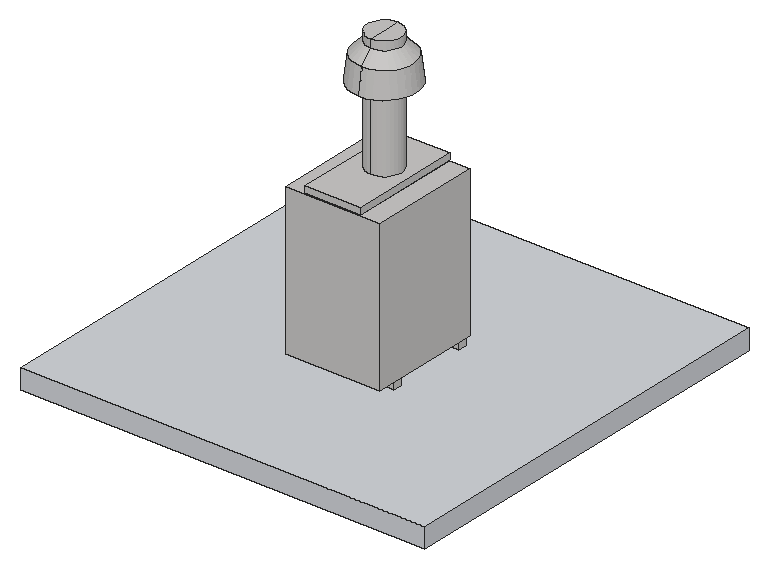
Revit family "DC_Rheem_PLM_Raypak_B0280ID", category Mechanical Equipment, host Face, Revit 2020
Family settings
  Host = Face
  Round Connector Dimension = Use Radius
  Part Type = Normal
  Cut with Voids When Loaded = No
  Shared = No
  Room Calculation Point = No
Parameters (values of type "Raypak - Gas Water Heater- Indoor - 278 MJ/h  Natural gas, modulating gas control")
  Width_ANZRS = 570 mm
  URL = "http://www.rheem.com.au/CommercialProducts"
  Type Comments = "Recovery 1061L/h @ 50oC rise"
  Top Dia_ANZRS = 205 mm
  Model = "B0280PCM/ID"
  Material_ANZRS = Raypak - Grey Powder Coated Steel
  PRV Dist_ANZRS = 210 mm
  PRV_ANZRS = 10 mm
  Manufacturer = "Raypak"
  Length_ANZRS = 675 mm
  Hot Water outlet radius_ANZRS = 20 mm
  Hot Water Outlet Diameter_ANZRS = Hot Water outlet radius_ANZRS * 2  # 40 mm
  Hot Water Conn. Dist_ANZRS = 170 mm
  Height_ANZRS = 1715 mm
  H1_ANZRS = 940 mm
  Gas Inlet radius_ANZRS = 12.5 mm
  Gas Inlet Height_ANZRS = 370 mm
  Gas Inlet Diameter_ANZRS = Gas Inlet radius_ANZRS * 2  # 25 mm
  Gas Conn. Dist_ANZRS = 105 mm
  DesignBy_ANZRS = "Design Content ©"
  Description = "Raypak - Gas Water Heater- Indoor - 278 MJ/h  Natural gas, modulating gas control"
  Default Elevation = 0 mm
  Conn Height_ANZRS = 700 mm
  Cold Water Inlet Radius_ANZRS = 20 mm
  Cold Water Inlet Diameter_ANZRS = Cold Water Inlet Radius_ANZRS * 2  # 40 mm
  Cold Water Conn. Dist_ANZRS = 215 mm
  Box HEight_ANZRS = 985 mm
  Base1 Dist_ANZRS = 30 mm
  Base Width_ANZRS = 50 mm
  Basae2 Dist_ANZRS = 105 mm
  Author_ANZRS = "DM"
  Assembly Code = ""
Types (5, lengths in mm): name | URL | Type Comments | Model | Gas Inlet radius_ANZRS | Gas Inlet Diameter_ANZRS | Description
  (no name) | "http://www.rheem.com.au/downloads/PDF/Raypak_Mechanical_Heating_Brochure_July_09.pdf" | "Recovery 1061L/h @ 50oC rise" | "B0280NCO/ID" | 10 | 20 | "Raypak - Gas Water Heater- Indoor - 278 MJ/h  Natural gas, On/Off gas control"
  Raypak - Gas Water Heater- Indoor - 278 MJ/h  Natural gas, modulating gas control | "http://www.rheem.com.au/CommercialProducts" | "Recovery 1061L/h @ 50oC rise" | "B0280PCM/ID" | 12.5 | 25 | "Raypak - Gas Water Heater- Indoor - 278 MJ/h  Natural gas, modulating gas control"
  Raypak - Gas Water Heater- Indoor - 278 MJ/h  Natural gas, On/Off gas control | "http://www.rheem.com.au/CommercialProducts" | "Recovery 1061L/h @ 50oC rise" | "B0280NCO/ID" | 10 | 20 | "Raypak - Gas Water Heater- Indoor - 278 MJ/h  Natural gas, On/Off gas control"
  Raypak - Gas Water Heater- Indoor - 261 MJ/h  Propane gas, modulating gas control | "http://www.rheem.com.au/CommercialProducts" | "Recovery 998L/h @ 50oC rise" | "B0280NCM/ID" | 10 | 20 | "Raypak - Gas Water Heater- Indoor - 261 MJ/h  Propane gas, modulating gas control"
  Raypak - Gas Water Heater- Indoor - 261 MJ/h  Propane gas, On/Off gas control | "http://www.rheem.com.au/CommercialProducts" | "Recovery 998L/h @ 50oC rise" | "B0280NCO/ID" | 10 | 20 | "Raypak - Gas Water Heater- Indoor - 261 MJ/h  Propane gas, modulating gas control"
Reference planes
  plane 1 "Center (Front/Back)": y = 0
  plane 2: z = 0
  plane 3 "Center (Left/Right)": x = 0
  plane 4 "Height": z = 1715
  plane 5 "Box H": z = 985
  plane 6 "Conn H": z = 700
  plane 7 "Gas C": z = 370
  plane 8 "L1": y = 288
  plane 9 "L2": y = -387
  plane 10 "PVR": y = 78
  plane 11 "Hot Water": y = 118
  plane 12 "Cold Water": y = -97
  plane 13 "Gas C1": y = -282
  plane 14 "D1": y = 102.5
  plane 15 "D2": y = -102.5
  plane 16 "W1": x = -285
  plane 17 "W2": x = 285
  plane 18 "base": z = 40
  plane 19 "H4": z = 1445
  plane 20 "H3": z = 1595
  plane 21 "H2": z = 1665
  plane 22: z = 600
  plane 23: z = 565
  plane 24: y = -327
  plane 25: x = -280
  plane 26 "BASE11": y = 258
  plane 27 "BASE12": y = 208
  plane 28 "BASE21": y = -232
  plane 29 "BASE22": y = -282
  plane 30 "D4": x = 102.5
  plane 31 "D3": x = -102.5
  plane 32 "H1": z = 940
  plane 33 "HH": z = 950
  plane 34: x = 167.5
  plane 35: x = -167.5
  plane 36: x = 157.5
  plane 37: x = -157.5
  plane 38 "LL2": y = -377
  plane 39 "LL1": y = 278
  plane 40: x = -172.5
  plane 41: x = -190.918
  plane 42: x = 172.5
  plane 43: x = 190.918
  plane 44: y = 172.5
  plane 45: y = 190.918
  plane 46: y = -172.5
  plane 47: y = -190.918
Forms (mm)
  Extrusion 1, solid
    sketch origin (0, 0, 0) x (1, 0, 0) y (0, 1, 0)
      loop
        line (-1219.2, 1219.2) -> (-1219.2, -1219.2) -> (1219.2, -1219.2) -> (1219.2, 1219.2) -> (-1219.2, 1219.2)
    from 0 to -120
  Extrusion 2, solid, material "Raypak - Grey Powder Coated Steel" <- "Material_ANZRS"
    sketch origin (0, 0, 0) x (1, 0, 0) y (0, 1, 0)
      loop
        line (-285, 288) -> (-285, -387) -> (285, -387) -> (285, 288) -> (-285, 288)
    from 40 to 940
  Revolve 3, solid, material "Raypak - Grey Powder Coated Steel" <- "Material_ANZRS"
    sketch origin (0, 0, 105) x (0, 1, 0) y (0, 0, 1)
      loop
        line (0, 1610) -> (-102.5, 1610) -> (-102.5, 1560) -> (-172.5, 1490) -> (-190.918, 1340) -> (-102.5, 1340) -> (-102.5, 880) -> (0, 880) -> (0, 1610)
      axis (0, 1610) -> (0, 880)
    angle from 0 to 360
  Extrusion 4, void
    sketch origin (0, 0, 0) x (0, 1, 0) y (0, 0, 1)
      loop
        circle (78, 700) r 10
      loop
        circle (118, 700) r 20
      loop
        circle (-97, 700) r 20
    from -285 to -280
  Extrusion 5, void
    sketch origin (0, 0, 0) x (0, 1, 0) y (0, 0, 1)
      loop
        circle (-327, 600) r 5
      loop
        circle (-327, 565) r 5
      loop
        circle (-282, 370) r 12.5
    from -285 to -280
  Extrusion 6, solid, material "Raypak - Grey Powder Coated Steel" <- "Material_ANZRS"
    sketch origin (0, 0, 0) x (0, 1, 0) y (0, 0, 1)
      loop
        line (258, 40) -> (208, 40) -> (208, 0) -> (258, 0) -> (258, 40)
      loop
        line (-232, 40) -> (-282, 40) -> (-282, 0) -> (-232, 0) -> (-232, 40)
    from -285 to 285
  Extrusion 7, solid, material "Raypak - Grey Powder Coated Steel" <- "Material_ANZRS"
    sketch origin (0, 0, 0) x (1, 0, 0) y (0, 0, 1)
      loop
        line (167.5, 985) -> (-167.5, 985) -> (-167.5, 950) -> (167.5, 950) -> (167.5, 985)
    from -288 to 387
  Extrusion 8, solid, material "Raypak - Grey Powder Coated Steel" <- "Material_ANZRS"
    sketch origin (0, 0, 0) x (1, 0, 0) y (0, 0, 1)
      loop
        line (157.5, 950) -> (-157.5, 950) -> (-157.5, 940) -> (157.5, 940) -> (157.5, 950)
    from -278 to 377
Cuts and joins
  Extrusion 4, Extrusion 5 cuts Extrusion 2
Lines and regions (mm)
  Masking region 1
    outline origin (0, 0, 0) x (1, 0, 0) y (0, 1, 0)
      loop
        line (-285, 288) -> (-285, -387) -> (285, -387) -> (285, 288) -> (-285, 288)
  Masking region 2
    outline origin (0, 0, 0) x (1, 0, 0) y (0, 0, 1)
      loop
        line (-102.5, 1715) -> (-102.5, 1665) -> (-225, 1595) -> (-228.418, 1445) -> (-102.5, 1445) -> (-102.5, 985) -> (-167.5, 985) -> (-167.5, 950) -> (-157.5, 950) -> (-157.5, 940) -> (-285, 940) -> (-285, 0) -> (285, 0) -> (285, 940) -> (157.5, 940) -> (157.5, 950) -> (167.5, 950) -> (167.5, 985) -> (102.5, 985) -> (102.5, 1445) -> (243.418, 1445) -> (157.5, 1595) -> (102.5, 1665) -> (102.5, 1715) -> (0, 1715) -> (-102.5, 1715)
  Masking region 3
    outline origin (0, 0, 0) x (0, 1, 0) y (0, 0, 1)
      loop
        line (-102.5, 1715) -> (-102.5, 1665) -> (-157.5, 1595) -> (-175.918, 1445) -> (-102.5, 1445) -> (-102.5, 985) -> (-387, 985) -> (-387, 950) -> (-377, 950) -> (-377, 940) -> (-387, 940) -> (-387, 40) -> (-282, 40) -> (-282, 0) -> (-232, 0) -> (-232, 40) -> (208, 40) -> (208, 0) -> (258, 0) -> (258, 40) -> (288, 40) -> (288, 940) -> (278, 940) -> (278, 950) -> (288, 950) -> (288, 985) -> (102.5, 985) -> (102.5, 1445) -> (175.918, 1445) -> (157.5, 1595) -> (102.5, 1665) -> (102.5, 1715) -> (-102.5, 1715)
  symbolic lines, style "Emergency", detail levels fine
    curve 1: arc (0, 190.918, 0) -> (-190.918, 0, 0) -> (0, -190.918, 0) r 190.918
    curve 2: arc (0, -190.918, 0) -> (190.918, 0, 0) -> (0, 190.918, 0) r 190.918
    curve 3: arc (0, 172.5, 0) -> (172.5, 0, 0) -> (0, -172.5, 0) r 172.5
    curve 4: arc (0, -172.5, 0) -> (-172.5, 0, 0) -> (0, 172.5, 0) r 172.5
    curve 5: arc (0, -102.5, 0) -> (-102.5, 0, 0) -> (0, 102.5, 0) r 102.5
    curve 6: arc (0, 102.5, 0) -> (102.5, 0, 0) -> (0, -102.5, 0) r 102.5
    curve 7: line (285, -387, 0) -> (285, 288, 0)
    curve 8: line (285, 288, 0) -> (-285, 288, 0)
    curve 9: line (-285, 288, 0) -> (-285, -387, 0)
    curve 10: line (-285, -387, 0) -> (285, -387, 0)
    curve 11: line (102.5, 0, 1665) -> (172.5, 0, 1595)
    curve 12: line (190.918, 0, 1445) -> (172.5, 0, 1595)
    curve 13: line (-172.5, 0, 1595) -> (-190.918, 0, 1445)
    curve 14: line (-172.5, 0, 1595) -> (-102.5, 0, 1665)
    curve 15: line (-102.5, 0, 1715) -> (102.5, 0, 1715)
    curve 16: line (0, 0, 1715) -> (102.5, 0, 1715)
    curve 17: line (172.5, 0, 1595) -> (-172.5, 0, 1595)
    curve 18: line (102.5, 0, 1762.094) -> (-102.5, 0, 1762.094)
    curve 19: line (-228.418, 0, 1445) -> (0, 0, 1445)
    curve 20: line (0, 0, 1445) -> (243.418, 0, 1445)
    curve 21: line (102.5, 0, 1715) -> (102.5, 0, 1665)
    curve 22: line (-102.5, 0, 1715) -> (-102.5, 0, 1665)
    curve 23: line (285, 0, 940) -> (-285, 0, 940)
    curve 24: line (285, 0, 40) -> (285, 0, 940)
    curve 25: line (-285, 0, 940) -> (-285, 0, 40)
    curve 26: line (-285, 0, 40) -> (285, 0, 40)
    curve 27: line (285, 0, 0) -> (285, 0, 40)
    curve 28: line (-285, 0, 40) -> (-285, 0, 0)
    curve 29: line (-285, 0, 0) -> (285, 0, 0)
    curve 30: line (-102.5, 0, 1445) -> (-102.5, 0, 985)
    curve 31: line (102.5, 0, 1445) -> (102.5, 0, 985)
    curve 32: arc (0, 68, 700) -> (0, 78, 690) -> (0, 88, 700) r 10
    curve 33: arc (0, 88, 700) -> (0, 78, 710) -> (0, 68, 700) r 10
    curve 34: arc (0, 138, 700) -> (0, 118, 720) -> (0, 98, 700) r 20
    curve 35: arc (0, 98, 700) -> (0, 118, 680) -> (0, 138, 700) r 20
    curve 36: arc (0, -117, 700) -> (0, -97, 680) -> (0, -77, 700) r 20
    curve 37: arc (0, -77, 700) -> (0, -97, 720) -> (0, -117, 700) r 20
    curve 38: arc (0, -269.5, 370) -> (0, -282, 382.5) -> (0, -294.5, 370) r 12.5
    curve 39: arc (0, -294.5, 370) -> (0, -282, 357.5) -> (0, -269.5, 370) r 12.5
    curve 40: arc (0, -332, 565) -> (0, -327, 560) -> (0, -322, 565) r 5
    curve 41: arc (0, -322, 565) -> (0, -327, 570) -> (0, -332, 565) r 5
    curve 42: arc (0, -332, 600) -> (0, -327, 595) -> (0, -322, 600) r 5
    curve 43: arc (0, -322, 600) -> (0, -327, 605) -> (0, -332, 600) r 5
    curve 44: line (0, -102.5, 1715) -> (0, -102.5, 1665)
    curve 45: line (0, 102.5, 1715) -> (0, 102.5, 1665)
    curve 46: line (0, 190.918, 1445) -> (0, -190.918, 1445)
    curve 47: line (0, 172.5, 1595) -> (0, -172.5, 1595)
    curve 48: line (0, 102.5, 1665) -> (0, -102.5, 1665)
    curve 49: line (0, 102.5, 1665) -> (0, 172.5, 1595)
    curve 50: line (0, -190.918, 1445) -> (0, -172.5, 1595)
    curve 51: line (0, -102.5, 1665) -> (0, -172.5, 1595)
    curve 52: line (0, 190.918, 1445) -> (0, 172.5, 1595)
    curve 53: line (0, -102.5, 1715) -> (0, 102.5, 1715)
    curve 54: line (0, 102.5, 1445) -> (0, 102.5, 985)
    curve 55: line (0, -102.5, 1445) -> (0, -102.5, 985)
    curve 56: line (0, 288, 985) -> (0, -387, 985)
    curve 57: line (0, -387, 985) -> (0, -387, 950)
    curve 58: line (0, 288, 40) -> (0, 288, 940)
    curve 59: line (0, -387, 40) -> (0, 288, 40)
    curve 60: line (0, 208, 40) -> (0, 208, 0)
    curve 61: line (0, 258, 0) -> (0, 258, 40)
    curve 62: line (0, 208, 0) -> (0, 258, 0)
    curve 63: line (0, -232, 0) -> (0, -232, 40)
    curve 64: line (0, -282, 40) -> (0, -282, 0)
    curve 65: line (0, -282, 0) -> (0, -232, 0)
    curve 66: line (-167.5, 288, 0) -> (-167.5, -387, 0)
    curve 67: line (167.5, -387, 0) -> (167.5, 288, 0)
    curve 68: line (167.5, 0, 950) -> (167.5, 0, 985)
    curve 69: line (-167.5, 0, 950) -> (167.5, 0, 950)
    curve 70: line (157.5, 0, 940) -> (157.5, 0, 950)
    curve 71: line (-167.5, 0, 985) -> (-167.5, 0, 950)
    curve 72: line (-157.5, 0, 950) -> (-157.5, 0, 940)
    curve 73: line (167.5, 0, 985) -> (-167.5, 0, 985)
    curve 74: line (0, -387, 950) -> (0, 288, 950)
    curve 75: line (0, 288, 940) -> (0, -387, 940)
    curve 76: line (0, 278, 940) -> (0, 278, 950)
    curve 77: line (0, -377, 950) -> (0, -377, 940)
    curve 78: line (0, -387, 940) -> (0, -387, 40)
    curve 79: line (0, 288, 950) -> (0, 288, 985)
Dimensions and locks
  "Height_ANZRS": plane 4 "Height" to level
  "Box HEight_ANZRS": plane 5 "Box H" to level
  "Conn Height_ANZRS": plane 6 "Conn H" to Extrusion 1
  "Gas Inlet Height_ANZRS": plane 7 "Gas C" to level
  "Length_ANZRS": plane 8 "L1" to plane 9 "L2"
  "PRV Dist_ANZRS": plane 8 "L1" to plane 10 "PVR"
  "Hot Water Conn. Dist_ANZRS": plane 8 "L1" to plane 11 "Hot Water"
  "Cold Water Conn. Dist_ANZRS": plane 11 "Hot Water" to plane 12 "Cold Water"
  "Gas Conn. Dist_ANZRS": plane 13 "Gas C1" to plane 9 "L2"
  plane 1 "Center (Front/Back)" to plane 9 "L2" = 387 mm
  plane 18 "base" to level = 40 mm
  plane 4 "Height" to plane 21 "H2" to plane 20 "H3" to plane 19 "H4" = 50 mm locked, 70 mm locked, 150 mm locked
  equal spacing: plane 17 "W2", plane 3 "Center (Left/Right)", plane 16 "W1"
  "Width_ANZRS": plane 17 "W2" to plane 16 "W1"
  equal spacing: plane 14 "D1", plane 1 "Center (Front/Back)", plane 15 "D2"
  "Top Dia_ANZRS": plane 14 "D1" to plane 15 "D2"
  plane 22 to Extrusion 1 = 600 mm
  plane 23 to Extrusion 1 = 565 mm
  plane 18 "base" to Extrusion 1 = 40 mm
  plane 24 to plane 9 "L2" = 60 mm
  plane 16 "W1" to plane 25 = 5 mm
  "Base1 Dist_ANZRS": plane 8 "L1" to plane 26 "BASE11"
  "Base Width_ANZRS": plane 26 "BASE11" to plane 27 "BASE12"
  "Base Width_ANZRS": plane 28 "BASE21" to plane 29 "BASE22"
  "Basae2 Dist_ANZRS": plane 29 "BASE22" to plane 9 "L2"
  equal spacing: plane 31 "D3", plane 3 "Center (Left/Right)", plane 30 "D4"
  "Top Dia_ANZRS": plane 31 "D3" to plane 30 "D4"
  "H1_ANZRS": plane 32 "H1" to Extrusion 1
  locked: plane 32 "H1" to plane 33 "HH" at 10
  plane 35 to plane 3 "Center (Left/Right)" to plane 34 = 167.5 mm, 167.5 mm
  plane 35 to plane 34 = 335 mm
  locked: plane 36 to plane 34 at 10
  locked: plane 37 to plane 35 at 10
  locked: plane 38 "LL2" to plane 9 "L2" at 10
  plane 39 "LL1" to plane 8 "L1" = 10 mm
  plane 31 "D3" to plane 40 to plane 41 = 70 mm locked, 18.418 mm locked
  plane 30 "D4" to plane 42 to plane 43 = 70 mm locked, 18.418 mm locked
  plane 45 to plane 44 to plane 14 "D1" = 18.418 mm locked, 70 mm locked
  plane 15 "D2" to plane 46 to plane 47 = 70 mm locked, 18.418 mm locked
  "Hot Water outlet radius_ANZRS": radius of Extrusion 4 sketch curve
  "Cold Water Inlet Radius_ANZRS": radius of Extrusion 4 sketch curve
  "PRV_ANZRS": radius of Extrusion 4 sketch curve
  "Gas Inlet radius_ANZRS": radius of Extrusion 5 sketch curve
  aligned and locked: plane 2 to Extrusion 1
  aligned and locked: level to Extrusion 1
  aligned and locked: plane 8 "L1" to Extrusion 2 sketch curve
  aligned and locked: plane 16 "W1" to Extrusion 2 sketch curve
  aligned and locked: plane 9 "L2" to Extrusion 2 sketch curve
  aligned and locked: plane 17 "W2" to Extrusion 2 sketch curve
  aligned: plane 5 "Box H" to Extrusion 2
  aligned and locked: Revolve 3 sketch curve to plane 1 "Center (Front/Back)"
  aligned and locked: plane 11 "Hot Water" to Extrusion 4 sketch curve
  aligned and locked: plane 10 "PVR" to Extrusion 4 sketch curve
  aligned and locked: plane 6 "Conn H" to Extrusion 4 sketch curve  (x3)
  aligned and locked: Extrusion 4 to plane 16 "W1"
  aligned and locked: Extrusion 2 to plane 18 "base"
  aligned and locked: plane 12 "Cold Water" to Extrusion 4 sketch curve
  aligned and locked: Revolve 3 sketch curve to plane 4 "Height"
  aligned and locked: plane 5 "Box H" to Revolve 3 sketch curve
  aligned and locked: plane 19 "H4" to Revolve 3 sketch curve
  aligned and locked: plane 21 "H2" to Revolve 3 sketch curve
  aligned: plane 15 "D2" to Revolve 3 sketch curve
  aligned and locked: plane 15 "D2" to Revolve 3 sketch curve  (x2)
  aligned and locked: plane 22 to Extrusion 5 sketch curve
  aligned and locked: plane 24 to Extrusion 5 sketch curve  (x2)
  aligned and locked: plane 23 to Extrusion 5 sketch curve
  aligned and locked: Extrusion 5 to plane 16 "W1"
  aligned and locked: plane 25 to Extrusion 5
  aligned and locked: plane 13 "Gas C1" to Extrusion 5 sketch curve
  aligned and locked: plane 7 "Gas C" to Extrusion 5 sketch curve
  aligned and locked: Extrusion 5 to Extrusion 4
  aligned and locked: plane 18 "base" to Extrusion 6 sketch curve  (x2)
  aligned and locked: Extrusion 6 sketch curve to plane 26 "BASE11"
  aligned and locked: Extrusion 6 sketch curve to level  (x2)
  aligned and locked: plane 27 "BASE12" to Extrusion 6 sketch curve
  aligned and locked: Extrusion 6 sketch curve to plane 28 "BASE21"
  aligned and locked: plane 29 "BASE22" to Extrusion 6 sketch curve
  aligned and locked: Extrusion 6 to plane 16 "W1"
  aligned and locked: Extrusion 6 to plane 17 "W2"
  aligned and locked: Masking region 1 sketch curve to cut or joined group of Extrusion 2, Extrusion 4, Extrusion 5  (x4)
  aligned and locked: Masking region 2 sketch curve to plane 31 "D3"
  aligned and locked: Masking region 2 sketch curve to Revolve 3  (x3)
  aligned and locked: plane 30 "D4" to Masking region 2 sketch curve
  aligned and locked: Revolve 3 to Masking region 2 sketch curve
  aligned and locked: plane 5 "Box H" to Masking region 2 sketch curve
  aligned and locked: plane 16 "W1" to Masking region 2 sketch curve
  aligned and locked: Masking region 2 sketch curve to plane 17 "W2"
  aligned and locked: Extrusion 1 to Masking region 2 sketch curve
  aligned and locked: Masking region 3 sketch curve to Revolve 3
  aligned and locked: Masking region 3 sketch curve to plane 15 "D2"  (x2)
  aligned and locked: plane 5 "Box H" to Masking region 3 sketch curve
  aligned and locked: Masking region 3 sketch curve to plane 9 "L2"
  aligned and locked: plane 18 "base" to Masking region 3 sketch curve
  aligned and locked: Masking region 3 sketch curve to Extrusion 6  (x4)
  aligned and locked: plane 27 "BASE12" to Masking region 3 sketch curve
  aligned and locked: plane 26 "BASE11" to Masking region 3 sketch curve
  aligned and locked: plane 8 "L1" to Masking region 3 sketch curve
  aligned and locked: plane 14 "D1" to Masking region 3 sketch curve
  aligned and locked: Revolve 3 to Masking region 3 sketch curve
  aligned and locked: curve 1 to Revolve 3
  aligned and locked: curve 2 to Revolve 3
  aligned and locked: curve 3 to Revolve 3
  aligned and locked: curve 4 to Revolve 3
  aligned and locked: curve 5 to Revolve 3
  aligned and locked: curve 6 to Revolve 3
  aligned and locked: curve 7 to cut or joined group of Extrusion 2, Extrusion 4, Extrusion 5
  aligned and locked: curve 8 to cut or joined group of Extrusion 2, Extrusion 4, Extrusion 5
  aligned and locked: curve 9 to cut or joined group of Extrusion 2, Extrusion 4, Extrusion 5
  aligned and locked: curve 10 to cut or joined group of Extrusion 2, Extrusion 4, Extrusion 5
  aligned and locked: curve 32 to cut or joined group of Extrusion 2, Extrusion 4, Extrusion 5
  aligned and locked: curve 33 to cut or joined group of Extrusion 2, Extrusion 4, Extrusion 5
  aligned and locked: curve 34 to cut or joined group of Extrusion 2, Extrusion 4, Extrusion 5
  aligned and locked: curve 35 to cut or joined group of Extrusion 2, Extrusion 4, Extrusion 5
  aligned and locked: curve 36 to cut or joined group of Extrusion 2, Extrusion 4, Extrusion 5
  aligned and locked: curve 37 to cut or joined group of Extrusion 2, Extrusion 4, Extrusion 5
  aligned and locked: curve 38 to cut or joined group of Extrusion 2, Extrusion 4, Extrusion 5
  aligned and locked: curve 39 to cut or joined group of Extrusion 2, Extrusion 4, Extrusion 5
  aligned and locked: curve 40 to cut or joined group of Extrusion 2, Extrusion 4, Extrusion 5
  aligned and locked: curve 41 to cut or joined group of Extrusion 2, Extrusion 4, Extrusion 5
  aligned and locked: curve 42 to cut or joined group of Extrusion 2, Extrusion 4, Extrusion 5
  aligned and locked: curve 43 to cut or joined group of Extrusion 2, Extrusion 4, Extrusion 5
  aligned and locked: curve 44 to plane 15 "D2"
  aligned and locked: plane 14 "D1" to curve 45
  aligned and locked: plane 21 "H2" to curve 48
  aligned and locked: curve 53 to Revolve 3
  aligned and locked: Extrusion 2 to plane 32 "H1"
  aligned and locked: curve 23 to cut or joined group of Extrusion 2, Extrusion 4, Extrusion 5
  aligned and locked: plane 5 "Box H" to Extrusion 7 sketch curve
  aligned and locked: Extrusion 7 sketch curve to plane 34
  aligned and locked: Extrusion 7 sketch curve to plane 33 "HH"
  aligned and locked: Extrusion 7 sketch curve to plane 35
  aligned and locked: plane 33 "HH" to Extrusion 8 sketch curve
  aligned and locked: Extrusion 8 sketch curve to plane 36
  aligned and locked: Extrusion 8 sketch curve to plane 32 "H1"
  aligned and locked: Extrusion 8 sketch curve to plane 37
  aligned and locked: Extrusion 7 to plane 8 "L1"
  aligned and locked: Extrusion 7 to plane 9 "L2"
  aligned and locked: Extrusion 8 to plane 38 "LL2"
  aligned and locked: plane 39 "LL1" to Extrusion 8
  aligned and locked: curve 66 to Extrusion 7
  aligned and locked: curve 67 to Extrusion 7
  aligned and locked: curve 68 to Extrusion 7
  aligned and locked: curve 69 to Extrusion 7
  aligned and locked: curve 70 to Extrusion 8
  aligned and locked: curve 71 to Extrusion 7
  aligned and locked: curve 72 to Extrusion 8
  aligned and locked: curve 73 to Extrusion 7
  aligned and locked: Masking region 2 sketch curve to Extrusion 7  (x3)
  aligned and locked: Extrusion 7 to Masking region 2 sketch curve
  aligned and locked: Masking region 2 sketch curve to Extrusion 8  (x2)
  aligned and locked: Masking region 2 sketch curve to cut or joined group of Extrusion 2, Extrusion 4, Extrusion 5
  aligned and locked: curve 74 to Extrusion 7
  aligned and locked: curve 75 to cut or joined group of Extrusion 2, Extrusion 4, Extrusion 5
  aligned and locked: curve 76 to Extrusion 8
  aligned and locked: curve 77 to Extrusion 8
  aligned and locked: Masking region 3 sketch curve to Extrusion 7
  aligned and locked: Masking region 3 sketch curve to cut or joined group of Extrusion 2, Extrusion 4, Extrusion 5
  aligned and locked: Masking region 3 sketch curve to Extrusion 8  (x2)
  aligned and locked: plane 19 "H4" to curve 12
  aligned and locked: plane 20 "H3" to curve 17  (x2)
  aligned and locked: plane 42 to curve 12
  aligned and locked: curve 12 to plane 43
  aligned and locked: plane 40 to curve 14
  aligned and locked: plane 19 "H4" to curve 13
  aligned and locked: plane 45 to curve 46
  aligned and locked: plane 19 "H4" to curve 52
  aligned and locked: plane 44 to curve 52
  aligned and locked: plane 20 "H3" to curve 52
  aligned and locked: plane 46 to curve 51
  aligned and locked: plane 20 "H3" to curve 51
  aligned and locked: plane 47 to curve 46
  aligned and locked: plane 19 "H4" to curve 50
  aligned and locked: Revolve 3 sketch curve to curve 51
  aligned and locked: Revolve 3 sketch curve to curve 50
Automatic sketch dimensions
  Extrusion 1 sketch curve to Extrusion 1 sketch curve = 2438.4 mm  (x2)
  curve 9 to plane 9 "L2" = 0 mm
  curve 9 to plane 16 "W1" = 0 mm
  plane 8 "L1" to curve 66 = 0 mm
  curve 66 to plane 35 = 0 mm
  curve 67 to plane 34 = 0 mm
  curve 7 to plane 17 "W2" = 0 mm
  curve 57 to plane 5 "Box H" = 0 mm
  curve 57 to plane 9 "L2" = 0 mm
  curve 78 to plane 9 "L2" = 0 mm
  curve 77 to plane 38 "LL2" = 0 mm
  curve 64 to level = 0 mm
  curve 64 to plane 13 "Gas C1" = 0 mm
  curve 65 to plane 28 "BASE21" = 0 mm
  curve 55 to plane 15 "D2" = 0 mm
  curve 54 to plane 14 "D1" = 0 mm
  curve 62 to level = 0 mm
  curve 62 to plane 27 "BASE12" = 0 mm
  curve 61 to plane 18 "base" = 0 mm
  curve 61 to plane 26 "BASE11" = 0 mm
  curve 76 to plane 33 "HH" = 0 mm
  curve 76 to plane 39 "LL1" = 0 mm
  curve 74 to plane 8 "L1" = 0 mm
  curve 59 to plane 8 "L1" = 0 mm
  curve 59 to plane 18 "base" = 0 mm
  curve 63 to plane 18 "base" = 0 mm
  curve 64 to plane 18 "base" = 0 mm
  curve 60 to plane 18 "base" = 0 mm
  curve 53 to plane 4 "Height" = 0 mm
  Revolve 3 sketch curve to plane 1 "Center (Front/Back)" = 0 mm
  Revolve 3 sketch curve to Revolve 3 sketch curve = 675 mm
  Revolve 3 sketch curve to Revolve 3 sketch curve = 130 mm
  Masking region 2 sketch curve to plane 20 "H3" = 0 mm  (x2)
  Masking region 2 sketch curve to plane 31 "D3" = 0 mm
  Masking region 2 sketch curve to plane 3 "Center (Left/Right)" = 0 mm
  plane 30 "D4" to Masking region 2 sketch curve = 0 mm
  Masking region 2 sketch curve to plane 36 = 0 mm
  Masking region 2 sketch curve to plane 32 "H1" = 0 mm
  Masking region 2 sketch curve to plane 5 "Box H" = 0 mm
  Masking region 2 sketch curve to plane 21 "H2" = 0 mm  (x2)
  plane 25 to Masking region 2 sketch curve = 51.582 mm
  Masking region 2 sketch curve to plane 41 = 34.082 mm
  Masking region 2 sketch curve to plane 43 = 52.5 mm
  Masking region 3 sketch curve to plane 9 "L2" = 0 mm
  Masking region 3 sketch curve to plane 20 "H3" = 0 mm  (x2)
  Masking region 3 sketch curve to plane 14 "D1" = 0 mm
  Masking region 3 sketch curve to plane 19 "H4" = 0 mm
  Masking region 3 sketch curve to plane 8 "L1" = 0 mm
  Masking region 3 sketch curve to plane 18 "base" = 0 mm  (x2)
  Masking region 3 sketch curve to plane 32 "H1" = 0 mm
  Masking region 3 sketch curve to plane 33 "HH" = 0 mm
  Masking region 3 sketch curve to plane 5 "Box H" = 0 mm
  Masking region 3 sketch curve to plane 21 "H2" = 0 mm  (x2)
  Masking region 3 sketch curve to plane 28 "BASE21" = 56.082 mm
  plane 12 "Cold Water" to Masking region 3 sketch curve = 60.5 mm
  Masking region 3 sketch curve to plane 11 "Hot Water" = 39.5 mm
  plane 27 "BASE12" to Masking region 3 sketch curve = 32.082 mm
  curve 28 to level = 0 mm
  curve 28 to plane 16 "W1" = 0 mm
  curve 13 to plane 41 = 0 mm
  curve 73 to plane 5 "Box H" = 0 mm
  curve 73 to plane 35 = 0 mm
  curve 72 to plane 37 = 0 mm
  curve 30 to plane 31 "D3" = 0 mm
  curve 15 to plane 4 "Height" = 0 mm
  curve 15 to plane 31 "D3" = 0 mm
  curve 18 to plane 31 "D3" = 0 mm
  curve 19 to plane 3 "Center (Left/Right)" = 0 mm
  curve 16 to plane 3 "Center (Left/Right)" = 0 mm
  plane 30 "D4" to curve 31 = 0 mm
  curve 21 to plane 21 "H2" = 0 mm
  plane 30 "D4" to curve 21 = 0 mm
  plane 30 "D4" to curve 18 = 0 mm
  curve 70 to plane 33 "HH" = 0 mm
  plane 36 to curve 70 = 0 mm
  plane 34 to curve 69 = 0 mm
  plane 17 "W2" to curve 26 = 0 mm
  curve 25 to plane 18 "base" = 0 mm
  curve 22 to plane 21 "H2" = 0 mm
  plane 25 to curve 19 = 51.582 mm
  curve 20 to plane 43 = 52.5 mm
  curve 15 to curve 18 = 47.094 mm
  Extrusion 5 sketch curve to plane 13 "Gas C1" = 0 mm
  radius of Extrusion 5 sketch curve = 5 mm  (x2)
Connectors
  piping at (-285, 118, 700), diameter 40, driven by "Hot Water outlet radius_ANZRS"
    settings: on cut or joined group of Extrusion 2, Extrusion 4, Extrusion 5, index 1, connector inside diameter 1.5748", connector length 0 mm, flow factor 0, pipe flow 0 GPM, pressure drop 0.00 psi, fitting loss kfactor 0, connector angle 0.00°, fixture units 0, engagement length 0 mm, angle of deflection 0.00°, flow configuration 0, flow direction 0, fitting loss method 0, system type 19, joint type 0, gender type 0, connector reference index -1, connector utility 0, adjustable connector no, is connector primary yes, connector description ""
  piping at (-285, 78, 700), diameter 20, driven by "PRV_ANZRS"
    settings: on cut or joined group of Extrusion 2, Extrusion 4, Extrusion 5, index 2, connector inside diameter 0.7874", connector length 0 mm, flow factor 0, pipe flow 0 GPM, pressure drop 0.00 psi, fitting loss kfactor 0, connector angle 0.00°, fixture units 0, engagement length 0 mm, angle of deflection 0.00°, flow configuration 0, flow direction 0, fitting loss method 0, system type 19, joint type 0, gender type 0, connector reference index -1, connector utility 0, adjustable connector no, is connector primary no, connector description ""
  piping at (-285, -97, 700), diameter 40, driven by "Cold Water Inlet Radius_ANZRS"
    settings: on cut or joined group of Extrusion 2, Extrusion 4, Extrusion 5, index 3, connector inside diameter 1.5748", connector length 0 mm, flow factor 0, pipe flow 0 GPM, pressure drop 0.00 psi, fitting loss kfactor 0, connector angle 0.00°, fixture units 0, engagement length 0 mm, angle of deflection 0.00°, flow configuration 0, flow direction 0, fitting loss method 0, system type 20, joint type 0, gender type 0, connector reference index -1, connector utility 0, adjustable connector no, is connector primary no, connector description ""
  piping at (-285, -282, 370), diameter 25, driven by "Gas Inlet radius_ANZRS"
    settings: on cut or joined group of Extrusion 2, Extrusion 4, Extrusion 5, index 4, connector inside diameter 0.7874", connector length 0 mm, flow factor 0, pipe flow 0 GPM, pressure drop 0.00 psi, fitting loss kfactor 0, connector angle 0.00°, fixture units 0, engagement length 0 mm, angle of deflection 0.00°, flow configuration 0, flow direction 0, fitting loss method 0, system type 22, joint type 0, gender type 0, connector reference index -1, connector utility 0, adjustable connector no, is connector primary no, connector description ""
  electrical at (-285, -327, 600)
    settings: on cut or joined group of Extrusion 2, Extrusion 4, Extrusion 5, index 5, voltage 0 V, apparent load 0 VA, apparent load phase1 0 VA, apparent load phase2 0 VA, apparent load phase3 0 VA, power factor 1, load classification "Other", number of poles 1, system type 31, power factor state 1, is connector primary yes, connector utility no, sub classification motor no, connector description ""
  electrical at (-285, -327, 565)
    settings: on cut or joined group of Extrusion 2, Extrusion 4, Extrusion 5, index 6, voltage 0 V, apparent load 0 VA, apparent load phase1 0 VA, apparent load phase2 0 VA, apparent load phase3 0 VA, power factor 1, load classification "Other", number of poles 1, system type 31, power factor state 1, is connector primary no, connector utility no, sub classification motor no, connector description ""
